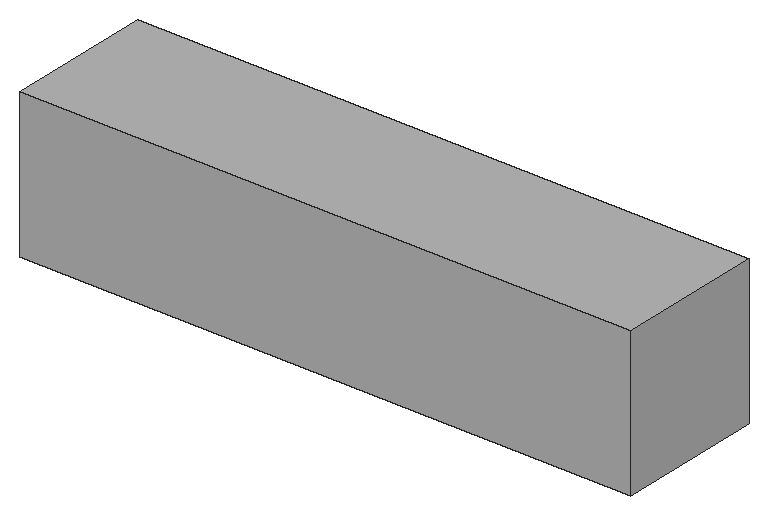
Revit family "215x215x890mm Padstone -PS118", category Generic Models, Revit 2020
Family settings
  Can host rebar = No
  Round Connector Dimension = Use Diameter
  Part Type = Normal
  Work Plane-Based = No
  Always vertical = Yes
  Cut with Voids When Loaded = No
  Shared = No
  Room Calculation Point = No
Parameters
  Weight = "99Kg"
  Warranty Guarantor Parts = "n/a"
  Warranty Guarantor Labour = "n/a"
  Warranty Duration Unit = "n/a"
  Warranty Duration Parts = "n/a"
  Warranty Duration Labour = "n/a"
  Warranty Description = "n/a"
  Unit Width [instance] = 215 mm
  Unit Length [instance] = 890 mm
  Unit Height [instance] = 215 mm
  URL = "www.killeshal.com"
  Types = "Single"
  Type Comments = "Visit our website for a full list of available products."
  Sustainability Performance = "n/a"
  Structural Class = "n/a"
  Span = "Length."
  Slope = "0.00°"
  Size = "215 Wide x 215 High x 890mm Long."
  Shape = "As per drawing"
  Service Life = "0.000000"
  Serial Number = "n/a"
  Resistance to Fire = "n/a"
  Replacement Cost = "n/a"
  Reference = "n/a"
  Notified Body = "n/a"
  Nominal Cover to Main Bar = "n/a"
  Model = "P/118 Padstone."
  Mechanical Resistance = "n/a"
  Manufacturer = "Killeshal Precast Concrete Ltd."
  Load Bearing = yes
  Life Cycle Environmental Load = "n/a"
  Length Options = "Stock sizes available. Custom sizes made to order."
  Keynote = "The information contained is the sole property of KPC Ltd., any reproduction in part or whole without permission of KPC Ltd. is prohibited."
  Environmental Product Declaration = "n/a"
  Environmental Class = "n/a"
  Durability against Corrosion = "n/a"
  Dimension Accuracy Class = "n/a"
  Detailing = "As per design specification and product drawings."
  Description = "Padstone 215 x 215 x 890mm."
  Default Elevation = 0 mm
  Dangerous Substances = "n/a"
  Contact Tel = "0035357 9353018"
  Contact Email = "sales@killeshal.com"
  Construction Type = "Precast"
  Construction Tolerance Class = "n/a"
  Compressive Strength of Concrete = "40N/mm²"
  Characteristics of Reinforcing Steel = "n/a"
  Characteristics Deflection Under Load = "n/a"
Reference planes
  plane 1 "Center (Front/Back)": y = 0
  plane 2: z = 0
  plane 3 "Center (Left/Right)": x = 0
  plane 4 "Rear": y = 107.5
  plane 5 "Front": y = -107.5
  plane 6 "Top": z = 215
Forms (mm)
  Extrusion 1, solid, material "Precast Concrete (KPC)"
    sketch origin (0, 0, 0) x (0, 1, 0) y (0, 0, 1)
      loop
        line (107.5, 0) -> (107.5, 215) -> (-107.5, 215) -> (-107.5, 0) -> (107.5, 0)
    from 0 to 890
Dimensions and locks
  "Unit Length": Extrusion 1 to Extrusion 1
  "Unit Width": Extrusion 1 to Extrusion 1
  "Unit Height": Extrusion 1 to Extrusion 1
  aligned and locked: level to plane 2
Automatic sketch dimensions
  Extrusion 1 sketch curve to level = 0 mm
  Extrusion 1 sketch curve to plane 5 "Front" = 0 mm
  Extrusion 1 sketch curve to plane 4 "Rear" = 0 mm
  Extrusion 1 sketch curve to plane 6 "Top" = 0 mm
